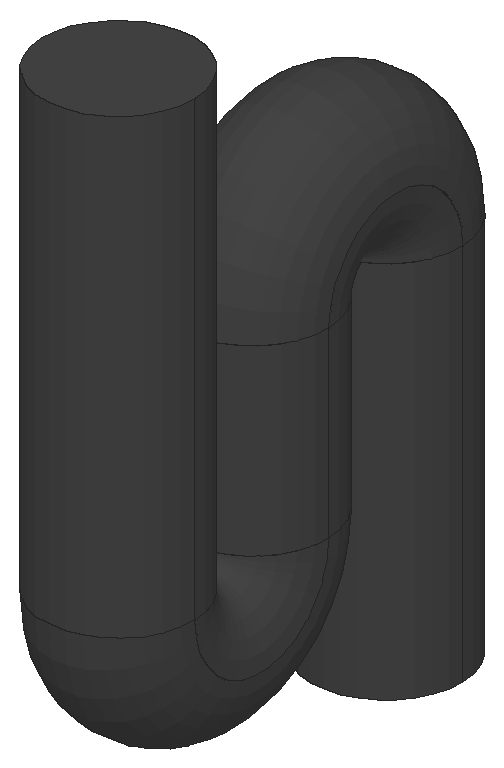
Revit family "PRD_AR_Sphns_Siphon_ZCMPX002", category Plumbing Fixtures, Revit 2018
Family settings
  Round Connector Dimension = Use Diameter
  Part Type = Normal
  OmniClass Number = 23.45.00.00
  OmniClass Title = Sanitary, Laundry, and Cleaning Equipment
  Work Plane-Based = Yes
  Always vertical = No
  Cut with Voids When Loaded = No
  Shared = Yes
  Room Calculation Point = No
Parameters
  WasteSize = 100 mm
  URL = "www.kwc.com"
  NetWeight = 1.70 kg
  Name = "Siphon ZCMPX002"
  NBSReference = "Pr_60_45_78_78"
  NBSDescription = "Siphons"
  ModelReference = "ZCMPX002"
  ModelNumber = "2000102733"
  Model = ModelReference  # "ZCMPX002"
  Material = PRD_AR_SyntheticBlack
  ManufacturerURL = "www.kwc.com"
  ManufacturerName = "KWC Group AG"  # constant formula
  Manufacturer = ManufacturerName  # "KWC Group AG"
  GrossWeight = 1.80 kg
  Description = "Siphon for squat pan, black colour, connection DN 100. Vertical outlet."
  Default Elevation = 1219.2 mm
  CreateOn = "11/2018"  # constant formula
  BIMObjectName = "PRD_AR_Sphns_Siphon_ZCMPX002"
  Author = "Archispace"  # constant formula
Reference planes
  plane 1 "Center (Front/Back)": y = 0
  plane 2: z = 0
  plane 3 "Center (Left/Right)": x = 0
  plane 4: z = -480
Forms (mm)
  Sweep 1, solid, material "PRD_AR_SyntheticBlack" <- "Material"
    path origin (0, 0, 0) x (0, 1, 0) y (0, 0, 1)
      loop
        line (0, 0) -> (0, -335)
        arc (0, -335) -> (60, -395) -> (120, -335) r 60
        line (120, -335) -> (120, -200)
        arc (120, -200) -> (180, -140) -> (240, -200) r 60
        line (240, -200) -> (240, -480)
    profile origin (0, 0, -167.5) x (1, 0, 0) y (0, 1, 0)
      loop
        circle (0, 0) r 55
Dimensions and locks
  level to plane 4 = 480 mm
  aligned and locked: level to plane 2
  aligned and locked: plane 4 to Sweep 1 sketch curve
Connectors
  piping at (0, 0, 0), diameter 100, driven by "WasteSize"
    settings: on Sweep 1, index 1, connector inside diameter 609.6 mm, connector length 0 mm, flow factor 0, pipe flow 0.0 L/s, pressure drop 0.0 Pa, fitting loss kfactor 0, connector angle 0.00°, fixture units 0, engagement length 0 mm, angle of deflection 0.00°, flow configuration 2, flow direction 1, fitting loss method 0, system type 16, joint type 0, gender type 0, connector reference index -1, connector utility 0, adjustable connector no, is connector primary yes, connector description ""
  piping at (0, 240, -480), diameter 100, driven by "WasteSize"
    settings: on Sweep 1, index 2, connector inside diameter 609.6 mm, connector length 0 mm, flow factor 0, pipe flow 0.0 L/s, pressure drop 0.0 Pa, fitting loss kfactor 0, connector angle 0.00°, fixture units 0, engagement length 0 mm, angle of deflection 0.00°, flow configuration 2, flow direction 2, fitting loss method 0, system type 16, joint type 0, gender type 0, connector reference index -1, connector utility 0, adjustable connector no, is connector primary no, connector description ""
